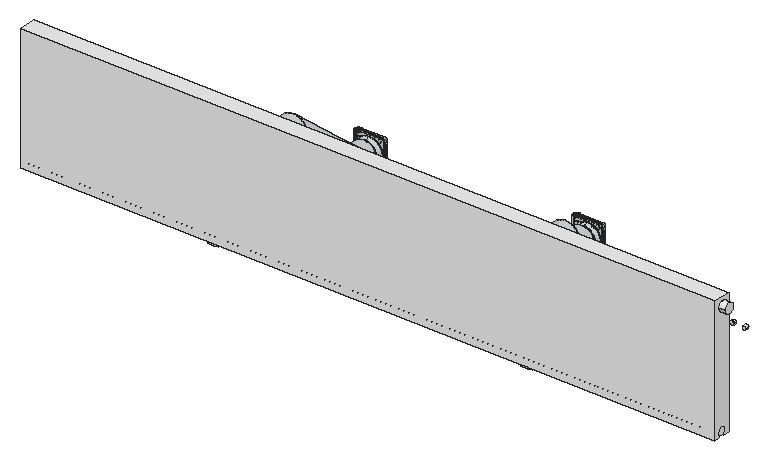
Revit family "57_CRD_ME_Climarad_2-0", category Mechanical Equipment, Revit 2020
Family settings
  Round Connector Dimension = Use Diameter
  Classification = None
  Part Type = Normal
  Work Plane-Based = Yes
  Always vertical = Yes
  Cut with Voids When Loaded = Yes
  Shared = No
  Room Calculation Point = Yes
Parameters (values of type "21s-500 - lengte 2800mm")
  voltage = 230 V  # constant formula
  type_kap = 57_CRD_ME_kap_climarad_2-0 : diepte 70 mm
  schacht = yes
  roosters_hoh_maat [instance] = 880 mm
  rooster_offset_X_rechts [instance] = roosters_hoh_maat - hoh_ventilatie_doorvoeren + rooster_offset_X_links  # -109 mm
  rooster_offset_X_links_vrij_invullen [instance] = 0 mm
  positie_wcd_uit_hart_unit = 750 mm  # constant formula
  rooster_offset_Y [instance] = -150 mm
  rooster_offset_X_links [instance] = if(hart_roosters_gelijk_aan_hart_unit, (hoh_ventilatie_doorvoeren - roosters_hoh_maat) / 2, rooster_offset_X_links_vrij_invullen)  # 109 mm
  onderkant_unit [instance] = onderkant_kast - 80 mm  # 40 mm
  onderkant_kast [instance] = 120 mm
  muurrooster_waalformaat [instance] = not(muurrooster_vierkant)  # no
  muurrooster_vierkant [instance] = yes
  materiaal_rooster [instance] = none
  materiaal_unit [instance] = aluminium_RAL_9016
  materiaal_kanaal [instance] = none
  lengte_unit = 1240 mm  # constant formula
  aansluiting_rechts [instance] = yes
  aansluiting_links [instance] = not(aansluiting_rechts)  # no
  invoer_cv = 0.0 L/s
  hoogte_unit = 466 mm  # constant formula
  hoogte_kast = 504 mm
  hart_ventilatie_doorvoer_tov_onderkant_unit = 385 mm  # constant formula
  hart_roosters_gelijk_aan_hart_unit [instance] = yes
  dikte_binnenspouwblad [instance] = 100 mm
  lengte_kast = 2800 mm
  hoh_ventilatie_doorvoeren = 549 mm * 2  # 1098 mm
  hart_doorvoer_tov_ok_kast = 367 mm  # constant formula
  eis_offset_Y [instance] = "negatief getal ivm ontwatering"  # constant formula
  dikte_spouwconstructie [instance] = 350 mm
  diepte_achterunit = 135 mm  # constant formula
  diepte_kast = if(diepte = 205 mm, 157 mm, 197 mm)  # 197 mm
  diepte = 211 mm
  diameter_cv = 15 mm  # constant formula
  diameter_aansluiting [instance] = if(connection_diameter_110, 110 mm, 150 mm)  # 110 mm
  debiet_m3h_maximaal [instance] = 125.00 m³  # constant formula
  debiet_m3h [instance] = 100.00 m³
  debiet_Ls [instance] = debiet_m3h / 3600.0 s  # 27.7778 L/s
  cv_aanvoer = 1310 mm
  connection_diameter_150 [instance] = not(connection_diameter_110)  # no
  connection_diameter_110 [instance] = 2 > 1  # yes
  lengte_onderstel = 700 mm  # constant formula
  Model = "Sensa H2X"  # constant formula
  Manufacturer = "ClimaRad"  # constant formula
  Description = "ClimaRad Sensa H2X ventilatie-unit"  # constant formula
  Default Elevation = 1219.2 mm
Reference planes
  plane 1 "Center (Front/Back)": y = 0
  plane 2: z = 0
  plane 3 "Center (Left/Right)": x = 0
  plane 4: x = -1400
  plane 5: x = 1400
  plane 6: y = -211
  plane 7 "bovenkant": z = 624
  plane 8: y = 350
  plane 9: y = -135
  plane 10 "unit_L": x = -620
  plane 11 "unit_R": x = 620
  plane 12 "hart_doorvoer": z = 425
  plane 13: x = -549
  plane 14: x = 549
  plane 15: x = -350
  plane 16: x = 350
  plane 17 "onderkant_kast": z = 120
  plane 18: z = 65
  plane 19: z = 506
  plane 20: z = 40
  plane 21: x = 1360
  plane 22: x = 1310
  plane 23: x = -1360
  plane 24: x = -1310
Forms (mm)
  Sweep 1, solid
    path origin (0, 0, 0) x (1, 0, 0) y (0, 0, 1)
      loop
        line (-620, 65) -> (620, 65)
    profile origin (0, 0, 65) x (0, 0, 1) y (0, -1, 0)
      loop
        line (14.75, 135) -> (13.172, 104.889) -> (0, 104.889) -> (0, 15.978) -> (14.834, 15.978) -> (14.834, 0) -> (428.139, 0) -> (428.75, 35) -> (440.991, 35)
        arc (440.991, 35) -> (440.99, 41.25) -> (440.91, 47.5) r 500
        line (440.91, 47.5) -> (431.932, 135) -> (14.75, 135)
  Sweep 2, solid
    path origin (0, 0, 0) x (1, 0, 0) y (0, 0, 1)
      loop
        line (-350, 40) -> (350, 40)
    profile origin (0, 0, 40) x (0, 0, 1) y (0, -1, 0)
      loop
        line (25, 94.307) -> (0, 76.994) -> (0, 15.978) -> (25, 15.978) -> (25, 94.307)
  Extrusion 3, solid, material "aluminium_RAL_9016" <- "materiaal_unit"
    sketch origin (-620, 0, 0) x (0, 1, 0) y (0, 0, 1)
      loop
        line (0, 254.595) -> (-5, 254.595) -> (-5, 234.595) -> (-104.889, 234.595) -> (-104.889, 120) -> (-211, 120) -> (-211, 114.787) -> (-184.532, 96.595) -> (-104.889, 96.595) -> (-104.889, 94.595) -> (-5, 94.595) -> (-5, 78.595) -> (0, 78.595) -> (0, 254.595)
    from 0 to -25
  Extrusion 4, solid, material "aluminium_RAL_9016" <- "materiaal_unit"
    sketch origin (620, 0, 0) x (0, 1, 0) y (0, 0, 1)
      loop
        line (0, 254.595) -> (-5, 254.595) -> (-5, 234.595) -> (-104.889, 234.595) -> (-104.889, 120) -> (-211, 120) -> (-211, 114.787) -> (-184.532, 96.595) -> (-104.889, 96.595) -> (-104.889, 94.595) -> (-5, 94.595) -> (-5, 78.595) -> (0, 78.595) -> (0, 254.595)
    from 0 to 25
  Extrusion 5, solid, material "aluminium_RAL_9016" <- "materiaal_unit", visible <- "aansluiting_rechts"
    sketch origin (0, 0, 0) x (1, 0, 0) y (0, 0, 1)
      loop
        circle (1310, 425) r 7.5
    from 0 to 10
  Extrusion 6, solid, material "aluminium_RAL_9016" <- "materiaal_unit", visible <- "aansluiting_rechts"
    sketch origin (0, 0, 0) x (1, 0, 0) y (0, 0, 1)
      loop
        circle (1360, 425) r 7.5
    from 0 to 10
  Extrusion 7, solid, material "aluminium_RAL_9016" <- "materiaal_unit", visible <- "aansluiting_links"
    sketch origin (0, 0, 0) x (-1, 0, 0) y (0, 0, -1)
      loop
        circle (1310, -425) r 7.5
    from 0 to 10
  Extrusion 8, solid, material "aluminium_RAL_9016" <- "materiaal_unit", visible <- "aansluiting_links"
    sketch origin (0, 0, 0) x (-1, 0, 0) y (0, 0, -1)
      loop
        circle (1360, -425) r 7.5
    from 0 to 10
Cuts and joins
  joined: Sweep 1, Sweep 2
Dimensions and locks
  equal spacing: plane 4, plane 3 "Center (Left/Right)", plane 5
  "lengte_kast": plane 4 to plane 5
  "dikte_spouwconstructie": plane 8 to plane 1 "Center (Front/Back)"
  "diepte_achterunit": plane 9 to plane 1 "Center (Front/Back)"
  equal spacing: plane 10 "unit_L", plane 3 "Center (Left/Right)", plane 11 "unit_R"
  "lengte_unit": plane 10 "unit_L" to plane 11 "unit_R"
  equal spacing: plane 14, plane 3 "Center (Left/Right)", plane 13
  "hoh_ventilatie_doorvoeren": plane 14 to plane 13
  equal spacing: plane 16, plane 3 "Center (Left/Right)", plane 15
  "lengte_onderstel": plane 16 to plane 15
  "onderkant_kast": plane 17 "onderkant_kast" to plane 2
  "hoogte_kast": plane 7 "bovenkant" to plane 17 "onderkant_kast"
  locked: plane 18 to plane 20 at 25
  "onderkant_unit": plane 20 to plane 2
  "hoogte_unit": plane 19 to plane 20
  "hart_ventilatie_doorvoer_tov_onderkant_unit": plane 12 "hart_doorvoer" to plane 20
  "diepte": plane 1 "Center (Front/Back)" to plane 6
  locked: plane 22 to plane 21 at 50
  "cv_aanvoer": plane 3 "Center (Left/Right)" to plane 22
  locked: plane 24 to plane 23 at 50
  "cv_aanvoer": plane 24 to plane 3 "Center (Left/Right)"
  "diameter_cv": diameter of Extrusion 5 sketch curve
  "diameter_cv": diameter of Extrusion 6 sketch curve
  "diameter_cv": diameter of Extrusion 7 sketch curve
  "diameter_cv": diameter of Extrusion 8 sketch curve
  aligned and locked: level to plane 2
  aligned and locked: nested 1 to plane 1 "Center (Front/Back)"
  aligned and locked: nested 1 to plane 13
  aligned and locked: nested 3 to plane 1 "Center (Front/Back)"
  aligned and locked: nested 3 to plane 14
  aligned and locked: plane 11 "unit_R" to Sweep 1 sketch curve
  aligned and locked: plane 10 "unit_L" to Sweep 1 sketch curve
  aligned and locked: Sweep 1 sketch curve to profile plane
  aligned and locked: plane 9 to Sweep 1 sketch curve
  aligned and locked: Sweep 1 sketch curve to plane 18  (x2)
  aligned and locked: Sweep 2 sketch curve to plane 20  (x2)
  aligned and locked: plane 16 to Sweep 2 sketch curve
  aligned and locked: plane 15 to Sweep 2 sketch curve
  aligned and locked: plane 18 to Sweep 2 sketch curve
  aligned and locked: plane 3 "Center (Left/Right)" to nested 5
  aligned and locked: nested 5 to plane 6
  aligned and locked: plane 6 to Extrusion 3 sketch curve
  aligned and locked: plane 6 to Extrusion 4 sketch curve
Automatic sketch dimensions
  profile plane to Sweep 1 sketch curve = 59 mm
  Sweep 1 sketch curve to profile plane = 13.172 mm
  Sweep 1 sketch curve to profile plane = 14.75 mm
  Sweep 1 sketch curve to profile plane = 14.834 mm
  Sweep 1 sketch curve to Sweep 1 sketch curve = 413.306 mm
  Sweep 1 sketch curve to Sweep 1 sketch curve = 0.611 mm
  Sweep 1 sketch curve to Sweep 1 sketch curve = 3.182 mm
  plane 1 "Center (Front/Back)" to Sweep 1 sketch curve = 47.5 mm
  Sweep 1 sketch curve to Sweep 1 sketch curve = 12.16 mm
  Sweep 1 sketch curve to Sweep 1 sketch curve = 12.241 mm
  plane 1 "Center (Front/Back)" to Sweep 1 sketch curve = 15.978 mm
  Sweep 1 sketch curve to Sweep 1 sketch curve = 12.5 mm
  Sweep 1 sketch curve to Sweep 1 sketch curve = 30.111 mm
  plane 1 "Center (Front/Back)" to Sweep 2 sketch curve = 15.978 mm
  Sweep 2 sketch curve to Sweep 2 sketch curve = 61.016 mm
  Sweep 2 sketch curve to Sweep 2 sketch curve = 17.313 mm
  Extrusion 3 sketch curve to plane 17 "onderkant_kast" = 0 mm
  Extrusion 3 sketch curve to plane 1 "Center (Front/Back)" = 0 mm
  plane 6 to Extrusion 3 sketch curve = 26.468 mm
  plane 9 to Extrusion 3 sketch curve = 30.111 mm
  Extrusion 3 sketch curve to Extrusion 3 sketch curve = 0 mm
  plane 1 "Center (Front/Back)" to Extrusion 3 sketch curve = 5 mm  (x2)
  Extrusion 3 sketch curve to Extrusion 3 sketch curve = 5.213 mm
  Extrusion 3 sketch curve to plane 17 "onderkant_kast" = 23.405 mm
  Extrusion 3 sketch curve to Extrusion 3 sketch curve = 2 mm
  plane 18 to Extrusion 3 sketch curve = 13.595 mm
  plane 17 "onderkant_kast" to Extrusion 3 sketch curve = 114.595 mm
  Extrusion 3 sketch curve to Extrusion 3 sketch curve = 20 mm
  Extrusion 4 sketch curve to plane 17 "onderkant_kast" = 0 mm
  Extrusion 4 sketch curve to plane 1 "Center (Front/Back)" = 0 mm
  plane 6 to Extrusion 4 sketch curve = 26.468 mm
  plane 9 to Extrusion 4 sketch curve = 30.111 mm
  Extrusion 4 sketch curve to Extrusion 4 sketch curve = 0 mm
  plane 1 "Center (Front/Back)" to Extrusion 4 sketch curve = 5 mm  (x2)
  Extrusion 4 sketch curve to plane 17 "onderkant_kast" = 5.213 mm
  Extrusion 4 sketch curve to plane 17 "onderkant_kast" = 23.405 mm
  Extrusion 4 sketch curve to Extrusion 4 sketch curve = 2 mm
  plane 18 to Extrusion 4 sketch curve = 13.595 mm
  Extrusion 4 sketch curve to Extrusion 4 sketch curve = 114.595 mm
  Extrusion 4 sketch curve to Extrusion 4 sketch curve = 20 mm
  Extrusion 5 sketch curve to plane 12 "hart_doorvoer" = 0 mm
  Extrusion 5 sketch curve to plane 22 = 0 mm
  Extrusion 6 sketch curve to plane 12 "hart_doorvoer" = 0 mm
  Extrusion 6 sketch curve to plane 21 = 0 mm
  Extrusion 7 sketch curve to plane 12 "hart_doorvoer" = 0 mm
  plane 24 to Extrusion 7 sketch curve = 0 mm
  Extrusion 8 sketch curve to plane 12 "hart_doorvoer" = 0 mm
  plane 23 to Extrusion 8 sketch curve = 0 mm
Nested families
  nested 1: "57_CRD_AT_aansluiting_muurrooster_flex" at (-549, 0, 425) x (-1, 0, 0) z (0, 0, 1), materiaal_rooster <- "materiaal_rooster", diepte <- "dikte_spouwconstructie", lengte_recht_deel_aansluiting <- "dikte_binnenspouwblad", offset_X <- "rooster_offset_X_rechts", offset_Y <- "rooster_offset_Y", Connection Diameter 150 <- "connection_diameter_150", muurrooster_waalformaat <- "muurrooster_waalformaat", materiaal_kanaal <- "materiaal_kanaal", type "Grille"
    with rekenwaarde_offset_Y 850 mm, rekenwaarde_offset_X 891 mm, offset_Y -150 mm, offset_X -109 mm, muurrooster_waalformaat no, muurrooster_vierkant yes, materiaal_rooster none, materiaal_kanaal none, lengte_recht_deel_aansluiting 100 mm, diepte 350 mm, Tube Length 320 mm, R 55 mm, Diameter 110 mm, Connection Diameter 150 no, Connection Diameter 110 yes, Connection Diameter 110 mm
  nested 2: "Square Grille" at (-440, 350.025, 275) x (-1, 0, 0) z (0, 0, 1), type "Square Grille"
    with materiaal none, Function Code ""
  nested 3: "57_CRD_AT_aansluiting_muurrooster_flex" at (549, 0, 425) x (-1, 0, 0) z (0, 0, 1), materiaal_rooster <- "materiaal_rooster", diepte <- "dikte_spouwconstructie", lengte_recht_deel_aansluiting <- "dikte_binnenspouwblad", offset_X <- "rooster_offset_X_links", offset_Y <- "rooster_offset_Y", Connection Diameter 150 <- "connection_diameter_150", muurrooster_waalformaat <- "muurrooster_waalformaat", materiaal_kanaal <- "materiaal_kanaal", type "Grille"
    with rekenwaarde_offset_Y 850 mm, rekenwaarde_offset_X 1109 mm, offset_Y -150 mm, offset_X 109 mm, muurrooster_waalformaat no, muurrooster_vierkant yes, materiaal_rooster none, materiaal_kanaal none, lengte_recht_deel_aansluiting 100 mm, diepte 350 mm, Tube Length 320 mm, R 55 mm, Diameter 110 mm, Connection Diameter 150 no, Connection Diameter 110 yes, Connection Diameter 110 mm
  nested 4: "Square Grille" at (440, 350.025, 275) x (-1, 0, 0) z (0, 0, 1), type "Square Grille"
    with materiaal none, Function Code ""
  nested 5: "57_CRD_ME_kap_climarad_2-0" at (0, -211, 120), materiaal <- "materiaal_unit", lengte <- "lengte_kast", hoogte <- "hoogte_kast", type <- "type_kap", knop_links <- "aansluiting_links", knop_rechts <- "aansluiting_rechts", type "diepte 70 mm"
    with materiaal aluminium_RAL_9016, lengte 2800 mm, knop_rechts yes, knop_links no, hoogte 504 mm
Connectors
  hvac at (-549, 0, 425), driven by "diameter_aansluiting", driven by "debiet_Ls"
    settings: on nested 1, index 3, duct flow 27.7778 L/s, flow factor 0, pres drop 0.0 Pa, loss coef 0, conn angle 0.00°, conn width 304.8 mm, conn height 304.8 mm, conn diameter 110 mm, duct sys type 2, conn prof type 0, flow config 1, flow direction 2, loss method 0, conn ref index -1, conn util no, is conn primary yes, conn desc ""
  hvac at (549, 0, 425), driven by "diameter_aansluiting", driven by "debiet_Ls"
    settings: on nested 3, index 4, duct flow 27.7778 L/s, flow factor 0, pres drop 0.0 Pa, loss coef 0, conn angle 0.00°, conn width 304.8 mm, conn height 304.8 mm, conn diameter 110 mm, duct sys type 1, conn prof type 0, flow config 1, flow direction 1, loss method 0, conn ref index -1, conn util no, is conn primary no, conn desc ""
  electrical at (0, 0, 286.487), driven by "voltage"
    settings: on Sweep 1, index 5, voltage 230 V, apparent load 0 VA, apparent load phase1 0 VA, apparent load phase2 0 VA, apparent load phase3 0 VA, power factor 1, load classification "Other", number of poles 1, system type 31, power factor state 1, is connector primary yes, connector utility no, sub classification motor no, connector description ""
  piping at (1360, 0, 425), diameter 15, driven by "invoer_cv", driven by "diameter_cv"
    settings: on Extrusion 6, index 6, connector inside diameter 609.6 mm, connector length 0 mm, flow factor 0, pipe flow 0.0 L/s, pressure drop 0.0 Pa, fitting loss kfactor 0, connector angle 0.00°, fixture units 0, engagement length 0 mm, angle of deflection 0.00°, flow configuration 0, flow direction 2, fitting loss method 0, system type 8, joint type 0, gender type 0, connector reference index -1, connector utility 0, adjustable connector no, is connector primary yes, connector description ""
  piping at (1310, 0, 425), diameter 15, driven by "invoer_cv", driven by "diameter_cv"
    settings: on Extrusion 5, index 7, connector inside diameter 609.6 mm, connector length 0 mm, flow factor 0, pipe flow 0.0 L/s, pressure drop 0.0 Pa, fitting loss kfactor 0, connector angle 0.00°, fixture units 0, engagement length 0 mm, angle of deflection 0.00°, flow configuration 0, flow direction 1, fitting loss method 0, system type 7, joint type 0, gender type 0, connector reference index -1, connector utility 0, adjustable connector no, is connector primary no, connector description ""
  piping at (1360, 0, 425), diameter 15, driven by "invoer_cv", driven by "diameter_cv"
    settings: on Extrusion 6, index 8, connector inside diameter 609.6 mm, connector length 0 mm, flow factor 0, pipe flow 0.0 L/s, pressure drop 0.0 Pa, fitting loss kfactor 0, connector angle 0.00°, fixture units 0, engagement length 0 mm, angle of deflection 0.00°, flow configuration 0, flow direction 2, fitting loss method 0, system type 8, joint type 0, gender type 0, connector reference index -1, connector utility 0, adjustable connector no, is connector primary no, connector description ""
  piping at (1310, 0, 425), diameter 15, driven by "invoer_cv", driven by "diameter_cv"
    settings: on Extrusion 5, index 9, connector inside diameter 609.6 mm, connector length 0 mm, flow factor 0, pipe flow 0.0 L/s, pressure drop 0.0 Pa, fitting loss kfactor 0, connector angle 0.00°, fixture units 0, engagement length 0 mm, angle of deflection 0.00°, flow configuration 0, flow direction 1, fitting loss method 0, system type 7, joint type 0, gender type 0, connector reference index -1, connector utility 0, adjustable connector no, is connector primary no, connector description ""
  piping at (-1310, 0, 425), diameter 15, driven by "diameter_cv", driven by "invoer_cv"
    settings: on Extrusion 7, index 10, connector inside diameter 609.6 mm, connector length 0 mm, flow factor 0, pipe flow 0.0 L/s, pressure drop 0.0 Pa, fitting loss kfactor 0, connector angle 0.00°, fixture units 0, engagement length 0 mm, angle of deflection 0.00°, flow configuration 0, flow direction 2, fitting loss method 0, system type 8, joint type 0, gender type 0, connector reference index -1, connector utility 0, adjustable connector no, is connector primary no, connector description ""
  piping at (-1360, 0, 425), diameter 15, driven by "diameter_cv", driven by "invoer_cv"
    settings: on Extrusion 8, index 11, connector inside diameter 609.6 mm, connector length 0 mm, flow factor 0, pipe flow 0.0 L/s, pressure drop 0.0 Pa, fitting loss kfactor 0, connector angle 0.00°, fixture units 0, engagement length 0 mm, angle of deflection 0.00°, flow configuration 0, flow direction 1, fitting loss method 0, system type 7, joint type 0, gender type 0, connector reference index -1, connector utility 0, adjustable connector no, is connector primary no, connector description ""
Definition of nested family "57_CRD_AT_aansluiting_muurrooster_flex"
  Parameters (values of type "Grille")
    rekenwaarde_offset_Y [instance] = offset_Y + 1000 mm  # 1850 mm
    rekenwaarde_offset_X [instance] = offset_X + 1000 mm  # 1850 mm
    offset_Y [instance] = 850 mm
    offset_X [instance] = 850 mm
    muurrooster_waalformaat [instance] = yes
    muurrooster_vierkant [instance] = not(muurrooster_waalformaat)  # no
    materiaal_rooster [instance] = none
    materiaal_kanaal [instance] = none
    lengte_recht_deel_aansluiting [instance] = 100 mm
    diepte [instance] = 600 mm
    Width = 210 mm
    Watermarked By = ""
    URL = "www.stabiplan.com"
    Tube Length [instance] = if(muurrooster_waalformaat, diepte - 80 mm, diepte - 30 mm)  # 520 mm
    R [instance] = Connection Diameter / 2  # 75 mm
    Model = ""
    Manufacturer = "ClimaRad"  # constant formula
    IFCExportType = "GRILLE"  # constant formula
    IFCExportAs = "IfcAirTerminal"  # constant formula
    Height = 53 mm
    Diameter [instance] = Connection Diameter  # 150 mm
    Description = ""
    Depth = 7.5 mm
    Default Elevation = 1219.2 mm
    Connection Diameter 150 [instance] = yes
    Connection Diameter 110 [instance] = not(Connection Diameter 150)  # no
    Connection Diameter [instance] = if(Connection Diameter 110, 110 mm, 150 mm)  # 150 mm
    Keynote = "﻿﻿​        ﻿﻿  ﻿ ﻿   ﻿ ﻿ ﻿     ﻿   ﻿ ﻿  ﻿﻿ ﻿     ​                      ﻿     ﻿     ​         ​              ﻿                           ​﻿﻿"
    Type Comments = "﻿﻿​        ﻿﻿  ﻿ ﻿   ﻿ ﻿ ﻿     ﻿   ﻿ ﻿  ﻿﻿ ﻿     ​                      ﻿     ﻿     ​         ​              ﻿                           ​﻿﻿"
    Assembly Code = "﻿﻿​        ﻿﻿  ﻿ ﻿   ﻿ ﻿ ﻿     ﻿   ﻿ ﻿  ﻿﻿ ﻿     ​                      ﻿     ﻿     ​         ​              ﻿                           ​﻿﻿"
  Reference planes
    plane 1 "Center (Front/Back)": y = 0
    plane 2: z = 0
    plane 3 "Center (Left/Right)": x = 0
    plane 4: y = -340.025
    plane 5: x = 43
    plane 6: x = -43
    plane 7 "achterkant_rooster": y = -520
    plane 8: x = -1000
    plane 9: z = -1000
    plane 10: x = 850
    plane 11 "level_muurrooster": z = 850
    plane 12 "asp_rooster": y = -470.025
    plane 13 "ventura_ASP": y = -100
    plane 14: y = -550.025
    plane 15: y = -600.025
  Forms (mm)
    Extrusion 1, solid, material <- "materiaal_kanaal"
      sketch origin (0, -100, 0) x (-1, 0, 0) y (0, 0, 1)
        loop
          circle (0, 0) r 75
      from 0 to 100
    Blend 2, solid, material <- "materiaal_kanaal"
      base sketch origin (0, -100, 0) x (-1, 0, 0) y (0, 0, 1)
        loop
          circle (0, 0) r 75
      top sketch origin (0, -470.025, 0) x (-1, 0, 0) y (0, 0, 1)
        loop
          circle (-850, 850.501) r 75
      from 0 to 0
    SweptBlend 3, solid, material <- "materiaal_kanaal"
      path origin (0, -430.025, 850) x (-1, 0, 0) y (0, -1, 0)
        loop
          line (-850, 40) -> (-850, 89.975)
      profile origin (850, -470.025, 850) x (1, 0, 0) y (0, 0, 1)
        loop
          circle (0, 0.501) r 75
      end profile origin (850, -520, 850) x (1, 0, 0) y (0, 0, 1)
        loop
          circle (0, 0.501) r 50
  Lines and regions (mm)
    model lines
      curve 1: line (850, -470.025, 850) -> (850, -520, 850)
  Dimensions and locks
    equal spacing: plane 6, plane 3 "Center (Left/Right)", plane 5
    locked: plane 6 to plane 5 at 86
    plane 1 "Center (Front/Back)" to plane 4 = 340.025 mm
    plane 7 "achterkant_rooster" to plane 1 "Center (Front/Back)" = 520 mm
    locked: plane 3 "Center (Left/Right)" to plane 8 at 1000
    locked: plane 2 to plane 9 at 1000
    "rekenwaarde_offset_Y": plane 11 "level_muurrooster" to plane 9
    "rekenwaarde_offset_X": plane 10 to plane 8
    locked: plane 14 to plane 15 at 50
    "Tube Length": plane 7 "achterkant_rooster" to plane 1 "Center (Front/Back)"
    locked: plane 7 "achterkant_rooster" to plane 12 "asp_rooster" at 49.975
    locked: plane 15 to plane 7 "achterkant_rooster" at 80.025
    "lengte_recht_deel_aansluiting": plane 1 "Center (Front/Back)" to plane 13 "ventura_ASP"
    "Diameter": diameter of Extrusion 1 sketch curve
    "Diameter": diameter of Blend 2 sketch curve  (x2)
    "Diameter": diameter of SweptBlend 3 sketch curve
    aligned and locked: level to plane 2
    aligned and locked: plane 7 "achterkant_rooster" to SweptBlend 3 sketch curve
    aligned and locked: SweptBlend 3 sketch curve to plane 12 "asp_rooster"
    aligned and locked: plane 10 to nested 1
    aligned and locked: plane 14 to nested 2
    aligned and locked: plane 10 to nested 2
    aligned and locked: plane 15 to nested 1
    aligned and locked: Extrusion 1 to plane 1 "Center (Front/Back)"
  Automatic sketch dimensions
    plane 7 "achterkant_rooster" to curve 1 = 0 mm
    curve 1 to plane 10 = 0 mm
    curve 1 to plane 12 "asp_rooster" = 0 mm
    SweptBlend 3 sketch curve to plane 10 = 0 mm
    profile plane to SweptBlend 3 sketch curve = 0 mm  (x2)
    plane 11 "level_muurrooster" to SweptBlend 3 sketch curve = 0.501 mm  (x2)
    Extrusion 1 sketch curve to level = 0 mm
    Extrusion 1 sketch curve to plane 3 "Center (Left/Right)" = 0 mm
    Blend 2 sketch curve to level = 0 mm
    Blend 2 sketch curve to plane 3 "Center (Left/Right)" = 0 mm
    Blend 2 sketch curve to Blend 2 sketch curve = 0 mm  (x2)
    plane 10 to Blend 2 sketch curve = 0 mm
    plane 11 "level_muurrooster" to Blend 2 sketch curve = 0.501 mm
    radius of SweptBlend 3 sketch curve = 50 mm
  Nested families
    nested 1: "Rectangular Grille" at (850, -600.025, 850), materiaal <- "materiaal_rooster", visible <- "muurrooster_waalformaat", type "Rectangular Grille"
      with materiaal none, Function Code "", Default Elevation 0 mm
    nested 2: "Square Grille" at (850, -550.025, 850), materiaal <- "materiaal_rooster", visible <- "muurrooster_vierkant", type "Square Grille"
      with materiaal none, Function Code ""
  Definition of nested family "Rectangular Grille"
    Parameters (values of type "Rectangular Grille")
      Width = 210 mm
      Wholesaler Art. No. = ""
      Wholesaler = ""
      materiaal [instance] = none
      Watermarked By = "www.stabiplan.com"
      URL = "www.stabiplan.com"
      Type Comments = "﻿﻿ ﻿ ﻿﻿﻿﻿﻿﻿          ​          ﻿       ﻿   ﻿  ﻿  ﻿  ﻿​     ​​  ​​   ​​   ﻿﻿     ​      ​​  ​​      ﻿     ﻿   ﻿      ﻿  ﻿﻿"
      Stabu Code = ""
      Revit Version = "2014"  # constant formula
      Product Line = "ClimaRad"
      Model = "53x210"
      Manufacturer URL = "www.climarad.com"
      Manufacturer Art. No. = "3511103"
      Manufacturer = "ClimaRad"
      MEPcontent Class = "GRILLE"  # constant formula
      Keynote = "﻿﻿ ﻿ ﻿﻿﻿﻿﻿﻿          ​          ﻿       ﻿   ﻿  ﻿  ﻿  ﻿​     ​​  ​​   ​​   ﻿﻿     ​      ​​  ​​      ﻿     ﻿   ﻿      ﻿  ﻿﻿"
      Internal Art. No. = ""
      IFCExportType = "GRILLE"  # constant formula
      IFCExportAs = "IfcAirTerminalType"  # constant formula
      Height = 53 mm
      GTIN = ""
      Function Code [instance] = ""
      Family Version = "10.04"  # constant formula
      ETIM Article Class = "EC001297"
      EMCS Version = "2.0"  # constant formula
      Description = "Aluminium brick"
      Depth = 7.5 mm
      Default Elevation = 1219.2 mm
      Custom = no
      Copyright = "© Stabiplan International BV"  # constant formula
      Content Supplier URL = "www.mepcontent.eu"
      CB-NL Class = ""
      Assembly Code = "﻿﻿ ﻿ ﻿﻿﻿﻿﻿﻿          ​          ﻿       ﻿   ﻿  ﻿  ﻿  ﻿​     ​​  ​​   ​​   ﻿﻿     ​      ​​  ​​      ﻿     ﻿   ﻿      ﻿  ﻿﻿"
      Article Type = "53x210"
      Article Description = "Aluminium brick"
    Reference planes
      plane 1 "Center (Front/Back)": y = 0
      plane 2: z = 0
      plane 3 "Center (Left/Right)": x = 0
      plane 4: y = 90
    Forms (mm)
      Revolve 1, solid, material <- "materiaal", detail levels fine
        sketch origin (0, 50, 0) x (0, 1, 0) y (0, 0, 1)
          loop
            arc (39.018, 42.11) -> (39.963, 43.055) -> (39.018, 44) r 0.945
            line (39.018, 44) -> (38.22, 44)
            arc (38.22, 44) -> (37.144, 44.34) -> (36.461, 45.238) r 1.868
            line (36.461, 45.238) -> (36.176, 46.035)
            arc (36.176, 46.035) -> (35.58, 46.509) -> (34.985, 46.035) r 0.611
            line (34.985, 46.035) -> (34.985, 44.473)
            arc (34.985, 44.473) -> (34.391, 43.99) -> (33.796, 44.473) r 0.607
            line (33.796, 44.473) -> (33.796, 46.019)
            arc (33.796, 46.019) -> (33.188, 46.501) -> (32.58, 46.019) r 0.625
            line (32.58, 46.019) -> (32.287, 45.206)
            arc (32.287, 45.206) -> (31.587, 44.307) -> (30.491, 43.995) r 1.834
            line (30.491, 43.995) -> (29.298, 43.995)
            arc (29.298, 43.995) -> (28.157, 44.349) -> (27.417, 45.286) r 2.015
            line (27.417, 45.286) -> (27.157, 46.035)
            arc (27.157, 46.035) -> (26.562, 46.509) -> (25.966, 46.035) r 0.611
            line (25.966, 46.035) -> (25.966, 44.473)
            arc (25.966, 44.473) -> (25.372, 43.99) -> (24.777, 44.473) r 0.607
            line (24.777, 44.473) -> (24.777, 46.019)
            arc (24.777, 46.019) -> (24.169, 46.501) -> (23.561, 46.019) r 0.625
            line (23.561, 46.019) -> (23.268, 45.206)
            arc (23.268, 45.206) -> (22.536, 44.329) -> (21.442, 44) r 1.985
            line (21.442, 44) -> (0, 44) -> (0, 42.11) -> (39.018, 42.11)
          axis (39.018, 0) -> (0, 0)
        angle from 0 to 360
      Sweep 2, solid, material <- "materiaal", detail levels fine
        path origin (0, 0, 0) x (1, 0, 0) y (0, 0, 1)
          loop
            line (-104, 25.5) -> (-104, -25.5) -> (104, -25.5) -> (104, 25.5) -> (-104, 25.5)
        profile origin (0, 0, 25.5) x (0, 0, 1) y (0, -1, 0)
          loop
            line (-3.5, 6.5) -> (-0.973, 6.5)
            arc (-0.973, 6.5) -> (-0.285, 6.215) -> (0, 5.527) r 0.973
            line (0, 5.527) -> (0, 0) -> (1, 0) -> (1, 5.549)
            arc (1, 5.549) -> (0.429, 6.929) -> (-0.951, 7.5) r 1.951
            line (-0.951, 7.5) -> (-3.5, 7.5) -> (-3.5, 6.5)
      Extrusion 3, solid, material <- "materiaal", detail levels fine
        sketch origin (0, 0, 0) x (0, 1, 0) y (0, 0, 1)
          loop
            line (13.466, 12.788) -> (0.018, 16.392)
            arc (0.018, 16.392) -> (-0.847, 16.43) -> (-1.647, 16.098) r 2
            line (-1.647, 16.098) -> (-7.5, 12) -> (-6.926, 11.181) -> (-1.074, 15.279)
            arc (-1.074, 15.279) -> (-0.674, 15.445) -> (-0.241, 15.426) r 1
            line (-0.241, 15.426) -> (13.207, 11.822) -> (13.466, 12.788)
          loop
            line (13.466, 0.788) -> (0.018, 4.392)
            arc (0.018, 4.392) -> (-0.847, 4.43) -> (-1.647, 4.098) r 2
            line (-1.647, 4.098) -> (-7.5, 0) -> (-6.926, -0.819) -> (-1.074, 3.279)
            arc (-1.074, 3.279) -> (-0.674, 3.445) -> (-0.241, 3.426) r 1
            line (-0.241, 3.426) -> (13.207, -0.178) -> (13.466, 0.788)
          loop
            line (13.466, -11.212) -> (0.018, -7.608)
            arc (0.018, -7.608) -> (-0.847, -7.57) -> (-1.647, -7.902) r 2
            line (-1.647, -7.902) -> (-7.5, -12) -> (-6.926, -12.819) -> (-1.074, -8.721)
            arc (-1.074, -8.721) -> (-0.674, -8.555) -> (-0.241, -8.574) r 1
            line (-0.241, -8.574) -> (13.207, -12.178) -> (13.466, -11.212)
        from -99.5 to 99.5
      Extrusion 4, solid, material <- "materiaal", detail levels fine
        sketch origin (0, 0, 0) x (1, 0, 0) y (0, 1, 0)
          loop
            line (-104, 0) -> (-104, -4.5)
            arc (-104, -4.5) -> (-103.414, -5.914) -> (-102, -6.5) r 2
            line (-102, -6.5) -> (-100.377, -6.5)
            arc (-100.377, -6.5) -> (-99.058, -6.004) -> (-98.394, -4.761) r 2
            line (-98.394, -4.761) -> (-95.626, 16.266)
            arc (-95.626, 16.266) -> (-95.531, 17.224) -> (-95.5, 18.185) r 14.704
            line (-95.5, 18.185) -> (-95.5, 30.5) -> (-96.5, 30.5) -> (-96.5, 18.368)
            arc (-96.5, 18.368) -> (-96.535, 17.29) -> (-96.641, 16.216) r 16.483
            line (-96.641, 16.216) -> (-99.386, -4.631)
            arc (-99.386, -4.631) -> (-99.718, -5.252) -> (-100.377, -5.5) r 1
            line (-100.377, -5.5) -> (-102, -5.5)
            arc (-102, -5.5) -> (-102.707, -5.207) -> (-103, -4.5) r 1
            line (-103, -4.5) -> (-103, 0) -> (-104, 0)
          loop
            line (104, 0) -> (103, 0) -> (103, -4.5)
            arc (103, -4.5) -> (102.707, -5.207) -> (102, -5.5) r 1
            line (102, -5.5) -> (100.377, -5.5)
            arc (100.377, -5.5) -> (99.718, -5.252) -> (99.386, -4.631) r 1
            line (99.386, -4.631) -> (96.641, 16.216)
            arc (96.641, 16.216) -> (96.535, 17.29) -> (96.5, 18.368) r 16.483
            line (96.5, 18.368) -> (96.5, 30.5) -> (95.5, 30.5) -> (95.5, 18.185)
            arc (95.5, 18.185) -> (95.531, 17.224) -> (95.626, 16.266) r 14.704
            line (95.626, 16.266) -> (98.394, -4.761)
            arc (98.394, -4.761) -> (99.058, -6.004) -> (100.377, -6.5) r 2
            line (100.377, -6.5) -> (102, -6.5)
            arc (102, -6.5) -> (103.414, -5.914) -> (104, -4.5) r 2
            line (104, -4.5) -> (104, 0)
        from -22.5 to 22.483
      Extrusion 5, void
        sketch origin (0, 0, 0) x (0, 1, 0) y (0, 0, 1)
          loop
            line (28.768, 10) -> (30.5, 9) -> (30.5, 22.483) -> (11.436, 22.483) -> (15.5, 20.116) -> (15.5, 10) -> (28.768, 10)
          loop
            line (28.768, -10) -> (15.5, -10) -> (15.5, -20.116) -> (11.436, -22.483) -> (30.5, -22.483) -> (30.5, -9) -> (28.768, -10)
        from -105 to 105
      Extrusion 6, solid, material <- "materiaal", detail levels fine
        sketch origin (0, 120.385, -0.738) x (0, 1, 0) y (0, 0, 1)
          loop
            line (-119.375, 17.238) -> (-106.375, 13.755) -> (-106.375, 11.722) -> (-119.375, 8.238) -> (-119.375, 5.238) -> (-106.375, 1.755) -> (-106.375, -0.278) -> (-119.375, -3.762) -> (-119.375, -6.762) -> (-106.375, -10.245) -> (-106.375, -12.278) -> (-119.375, -15.762) -> (-119.375, -21.951) -> (-88.885, -21.684) -> (-88.885, 23.161) -> (-119.375, 23.427) -> (-119.375, 17.238)
        from -30.489 to -29.481
      Extrusion 7, solid, material <- "materiaal", detail levels fine
        sketch origin (0, 120.385, -0.738) x (0, 1, 0) y (0, 0, -1)
          loop
            line (-119.375, -17.238) -> (-119.375, -23.427) -> (-88.885, -23.161) -> (-88.885, 21.684) -> (-119.375, 21.951) -> (-119.375, 15.762) -> (-106.375, 12.278) -> (-106.375, 10.245) -> (-119.375, 6.762) -> (-119.375, 3.762) -> (-106.375, 0.278) -> (-106.375, -1.755) -> (-119.375, -5.238) -> (-119.375, -8.238) -> (-106.375, -11.722) -> (-106.375, -13.755) -> (-119.375, -17.238)
        from -30.489 to -29.481
      Extrusion 8, solid, material <- "materiaal", detail levels fine
        sketch origin (0, 0, 0) x (1, 0, 0) y (0, 0, 1)
          loop
            line (-104, 25.5) -> (-104, -25.5) -> (104, -25.5) -> (104, 25.5) -> (-104, 25.5)
          loop
            line (-103, 24.5) -> (-103, -24.5) -> (103, -24.5) -> (103, 24.5) -> (-103, 24.5)
        from 0 to -30.5
      SweptBlend 9, solid, material <- "materiaal", detail levels fine
        path in 3D
          loop
            line (0, 50, 0) -> (0, 30.5, 0)
        profile origin (0, 50, 0) x (1, 0, 0) y (0, 0, 1)
          loop
            arc (-32.665, 29.479) -> (-43.863, -3.472) -> (-27.619, -34.252) r 44
            arc (-27.619, -34.252) -> (-3.022, -43.896) -> (22.666, -37.713) r 44
            arc (22.666, -37.713) -> (43.292, -7.859) -> (34.475, 27.34) r 44
            arc (34.475, 27.34) -> (1.401, 43.978) -> (-32.665, 29.479) r 44
        end profile origin (0, 30.5, 0) x (1, 0, 0) y (0, 0, 1)
          loop
            line (-104, 25.5) -> (-104, -25.5) -> (104, -25.5) -> (104, 25.5) -> (-104, 25.5)
      Extrusion 10, solid, detail levels coarse+medium
        sketch origin (0, 0, 0) x (1, 0, 0) y (0, 0, 1)
          loop
            circle (0, 0) r 46.019
        from -90 to -50
      Extrusion 11, solid, detail levels coarse+medium
        sketch origin (0, 0, 0) x (1, 0, 0) y (0, 1, 0)
          loop
            line (-105, -7.5) -> (105, -7.5) -> (105, 30.18) -> (44, 50) -> (-44, 50) -> (-105, 30.18) -> (-105, -7.5)
        from -26.5 to 26.5
    Cuts and joins
      Extrusion 5 cuts Revolve 1
      Extrusion 5 cuts Extrusion 4
    Lines and regions (mm)
      sketch lines
        curve 1: line (0, 50, 0) -> (0, 30.5, 0)
    Dimensions and locks
      plane 1 "Center (Front/Back)" to plane 4 = 90 mm
      Extrusion 11 sketch curve to plane 1 "Center (Front/Back)" = 7.5 mm
      Extrusion 11 sketch curve to plane 3 "Center (Left/Right)" to Extrusion 11 sketch curve = 105 mm, 105 mm
      diameter of Extrusion 10 sketch curve = 92.038 mm
      aligned and locked: level to plane 2
      aligned and locked: Sweep 2 to Extrusion 5  (x2)
      aligned and locked: plane 4 to Extrusion 10
      aligned and locked: Extrusion 11 to Sweep 2  (x2)
  Definition of nested family "Square Grille"
    Parameters (values of type "Square Grille")
      Width = 127 mm
      Wholesaler Art. No. = ""
      Wholesaler = ""
      materiaal [instance] = none
      Watermarked By = "www.stabiplan.com"
      URL = "www.stabiplan.com"
      Type Comments = "﻿﻿  ​                        ﻿﻿       ​      ﻿      ﻿                  ﻿                         ﻿​  ​ ﻿      ​   ﻿﻿"
      Stabu Code = ""
      Revit Version = "2014"  # constant formula
      Product Line = "ClimaRad"
      Model = "127x127"
      Manufacturer URL = "www.climarad.com"
      Manufacturer Art. No. = "3511203"
      Manufacturer = "ClimaRad"
      MEPcontent Class = "GRILLE"  # constant formula
      Keynote = "﻿﻿  ​                        ﻿﻿       ​      ﻿      ﻿                  ﻿                         ﻿​  ​ ﻿      ​   ﻿﻿"
      Internal Art. No. = ""
      IFCExportType = "GRILLE"  # constant formula
      IFCExportAs = "IfcAirTerminalType"  # constant formula
      Height = 127 mm
      GTIN = ""
      Function Code [instance] = ""
      Family Version = "10.04"  # constant formula
      ETIM Article Class = "EC001297"
      EMCS Version = "2.0"  # constant formula
      Description = "Aluminium set up grid"
      Depth = 14 mm
      Default Elevation = 1219.2 mm
      Custom = no
      Copyright = "© Stabiplan International BV"  # constant formula
      Content Supplier URL = "www.mepcontent.eu"
      CB-NL Class = ""
      Assembly Code = ""
      Article Type = "127x127"
      Article Description = "Aluminium set up grid"
    Reference planes
      plane 1 "Center (Front/Back)": y = 0
      plane 2: z = 0
      plane 3 "Center (Left/Right)": x = 0
    Forms (mm)
      Revolve 1, solid, material <- "materiaal", detail levels fine
        sketch origin (0, 0, 0) x (0, 1, 0) y (0, 0, 1)
          loop
            arc (39.018, 42.11) -> (39.963, 43.055) -> (39.018, 44) r 0.945
            line (39.018, 44) -> (38.22, 44)
            arc (38.22, 44) -> (37.144, 44.34) -> (36.461, 45.238) r 1.868
            line (36.461, 45.238) -> (36.176, 46.035)
            arc (36.176, 46.035) -> (35.58, 46.509) -> (34.985, 46.035) r 0.611
            line (34.985, 46.035) -> (34.985, 44.473)
            arc (34.985, 44.473) -> (34.391, 43.99) -> (33.796, 44.473) r 0.607
            line (33.796, 44.473) -> (33.796, 46.019)
            arc (33.796, 46.019) -> (33.188, 46.501) -> (32.58, 46.019) r 0.625
            line (32.58, 46.019) -> (32.287, 45.206)
            arc (32.287, 45.206) -> (31.587, 44.307) -> (30.491, 43.995) r 1.834
            line (30.491, 43.995) -> (29.298, 43.995)
            arc (29.298, 43.995) -> (28.157, 44.349) -> (27.417, 45.286) r 2.015
            line (27.417, 45.286) -> (27.157, 46.035)
            arc (27.157, 46.035) -> (26.562, 46.509) -> (25.966, 46.035) r 0.611
            line (25.966, 46.035) -> (25.966, 44.473)
            arc (25.966, 44.473) -> (25.372, 43.99) -> (24.777, 44.473) r 0.607
            line (24.777, 44.473) -> (24.777, 46.019)
            arc (24.777, 46.019) -> (24.169, 46.501) -> (23.561, 46.019) r 0.625
            line (23.561, 46.019) -> (23.268, 45.206)
            arc (23.268, 45.206) -> (22.536, 44.329) -> (21.442, 44) r 1.985
            line (21.442, 44) -> (20.411, 44)
            arc (20.411, 44) -> (19.937, 44.038) -> (19.476, 44.149) r 3.01
            line (19.476, 44.149) -> (1.763, 49.941)
            arc (1.763, 49.941) -> (0.593, 50.723) -> (0, 52) r 2.607
            line (0, 52) -> (0, 48.544) -> (17.33, 42.775)
            arc (17.33, 42.775) -> (19.355, 42.277) -> (21.434, 42.11) r 12.994
            line (21.434, 42.11) -> (39.018, 42.11)
          axis (39.018, 0) -> (0, 0)
        angle from 0 to 360
      Sweep 2, solid, material <- "materiaal", detail levels fine
        path origin (0, 0, 0) x (1, 0, 0) y (0, 0, 1)
          loop
            arc (-53.079, -51.114) -> (-52.503, -52.503) -> (-51.114, -53.079) r 1.965
            line (-51.114, -53.079) -> (51.075, -53.079)
            arc (51.075, -53.079) -> (52.492, -52.492) -> (53.079, -51.075) r 2.004
            line (53.079, -51.075) -> (53.079, 51.126)
            arc (53.079, 51.126) -> (52.507, 52.507) -> (51.126, 53.079) r 1.953
            line (51.126, 53.079) -> (-51.079, 53.079)
            arc (-51.079, 53.079) -> (-52.493, 52.493) -> (-53.079, 51.079) r 2
            line (-53.079, 51.079) -> (-53.079, -51.114)
        profile origin (-53.079, 0, -0.018) x (-1, 0, 0) y (0, -1, 0)
          loop
            line (9.386, 0) -> (10.421, 0) -> (7.067, 12.518)
            arc (7.067, 12.518) -> (6.353, 13.587) -> (5.135, 14) r 2
            line (5.135, 14) -> (3.864, 14)
            arc (3.864, 14) -> (2.455, 13.438) -> (1.82, 12.06) r 2.048
            line (1.82, 12.06) -> (1.498, 5.921)
            arc (1.498, 5.921) -> (1.033, 4.912) -> (0, 4.5) r 1.5
            line (0, 4.5) -> (0, 3.5)
            arc (0, 3.5) -> (1.721, 4.187) -> (2.497, 5.869) r 2.5
            line (2.497, 5.869) -> (2.821, 12.065)
            arc (2.821, 12.065) -> (3.095, 12.726) -> (3.757, 13) r 0.935
            line (3.757, 13) -> (5.135, 13)
            arc (5.135, 13) -> (5.744, 12.793) -> (6.101, 12.259) r 1
            line (6.101, 12.259) -> (9.386, 0)
      Extrusion 3, solid, material <- "materiaal", detail levels fine
        sketch origin (0, 0, 0) x (0, 1, 0) y (0, 0, 1)
          loop
            line (-4.5, 53.079) -> (-4.5, 50.079)
            arc (-4.5, 50.079) -> (-4.657, 49.541) -> (-5.077, 49.172) r 1
            line (-5.077, 49.172) -> (-9.609, 47.059)
            arc (-9.609, 47.059) -> (-11.811, 45.657) -> (-13.574, 43.732) r 10
            line (-13.574, 43.732) -> (-12.755, 43.158)
            arc (-12.755, 43.158) -> (-11.168, 44.891) -> (-9.186, 46.153) r 9
            line (-9.186, 46.153) -> (-4.655, 48.266)
            arc (-4.655, 48.266) -> (-3.858, 48.933) -> (-3.5, 49.908) r 2.015
            line (-3.5, 49.908) -> (-3.5, 53.079) -> (-4.5, 53.079)
          loop
            line (-4.5, 38.479) -> (-4.5, 35.479)
            arc (-4.5, 35.479) -> (-4.657, 34.941) -> (-5.077, 34.572) r 1
            line (-5.077, 34.572) -> (-9.609, 32.459)
            arc (-9.609, 32.459) -> (-11.811, 31.057) -> (-13.574, 29.132) r 10
            line (-13.574, 29.132) -> (-12.755, 28.558)
            arc (-12.755, 28.558) -> (-11.168, 30.291) -> (-9.186, 31.553) r 9
            line (-9.186, 31.553) -> (-4.655, 33.666)
            arc (-4.655, 33.666) -> (-3.858, 34.333) -> (-3.5, 35.308) r 2.015
            line (-3.5, 35.308) -> (-3.5, 38.479) -> (-4.5, 38.479)
          loop
            line (-4.5, 23.879) -> (-4.5, 20.879)
            arc (-4.5, 20.879) -> (-4.657, 20.341) -> (-5.077, 19.972) r 1
            line (-5.077, 19.972) -> (-9.609, 17.859)
            arc (-9.609, 17.859) -> (-11.811, 16.457) -> (-13.574, 14.532) r 10
            line (-13.574, 14.532) -> (-12.755, 13.958)
            arc (-12.755, 13.958) -> (-11.168, 15.691) -> (-9.186, 16.953) r 9
            line (-9.186, 16.953) -> (-4.655, 19.066)
            arc (-4.655, 19.066) -> (-3.858, 19.733) -> (-3.5, 20.708) r 2.015
            line (-3.5, 20.708) -> (-3.5, 23.879) -> (-4.5, 23.879)
          loop
            line (-4.5, 9.279) -> (-4.5, 6.279)
            arc (-4.5, 6.279) -> (-4.657, 5.741) -> (-5.077, 5.372) r 1
            line (-5.077, 5.372) -> (-9.609, 3.259)
            arc (-9.609, 3.259) -> (-11.811, 1.857) -> (-13.574, -0.068) r 10
            line (-13.574, -0.068) -> (-12.755, -0.642)
            arc (-12.755, -0.642) -> (-11.168, 1.091) -> (-9.186, 2.353) r 9
            line (-9.186, 2.353) -> (-4.655, 4.466)
            arc (-4.655, 4.466) -> (-3.858, 5.133) -> (-3.5, 6.108) r 2.015
            line (-3.5, 6.108) -> (-3.5, 9.279) -> (-4.5, 9.279)
          loop
            line (-4.5, -5.321) -> (-4.5, -8.321)
            arc (-4.5, -8.321) -> (-4.657, -8.859) -> (-5.077, -9.228) r 1
            line (-5.077, -9.228) -> (-9.609, -11.341)
            arc (-9.609, -11.341) -> (-11.811, -12.743) -> (-13.574, -14.668) r 10
            line (-13.574, -14.668) -> (-12.755, -15.242)
            arc (-12.755, -15.242) -> (-11.168, -13.509) -> (-9.186, -12.247) r 9
            line (-9.186, -12.247) -> (-4.655, -10.134)
            arc (-4.655, -10.134) -> (-3.858, -9.467) -> (-3.5, -8.492) r 2.015
            line (-3.5, -8.492) -> (-3.5, -5.321) -> (-4.5, -5.321)
          loop
            line (-4.5, -19.921) -> (-4.5, -22.921)
            arc (-4.5, -22.921) -> (-4.657, -23.459) -> (-5.077, -23.828) r 1
            line (-5.077, -23.828) -> (-9.609, -25.941)
            arc (-9.609, -25.941) -> (-11.811, -27.343) -> (-13.574, -29.268) r 10
            line (-13.574, -29.268) -> (-12.755, -29.842)
            arc (-12.755, -29.842) -> (-11.168, -28.109) -> (-9.186, -26.847) r 9
            line (-9.186, -26.847) -> (-4.655, -24.734)
            arc (-4.655, -24.734) -> (-3.858, -24.067) -> (-3.5, -23.092) r 2.015
            line (-3.5, -23.092) -> (-3.5, -19.921) -> (-4.5, -19.921)
          loop
            line (-4.5, -34.521) -> (-4.5, -37.521)
            arc (-4.5, -37.521) -> (-4.657, -38.059) -> (-5.077, -38.428) r 1
            line (-5.077, -38.428) -> (-9.609, -40.541)
            arc (-9.609, -40.541) -> (-11.811, -41.943) -> (-13.574, -43.868) r 10
            line (-13.574, -43.868) -> (-12.755, -44.442)
            arc (-12.755, -44.442) -> (-11.168, -42.709) -> (-9.186, -41.447) r 9
            line (-9.186, -41.447) -> (-4.655, -39.334)
            arc (-4.655, -39.334) -> (-3.858, -38.667) -> (-3.5, -37.692) r 2.015
            line (-3.5, -37.692) -> (-3.5, -34.521) -> (-4.5, -34.521)
          loop
            line (-3.5, -53.079) -> (-3.5, -49.579) -> (-4.5, -49.579) -> (-4.5, -53.079) -> (-3.5, -53.079)
        from -53.079 to 53.079
      Extrusion 4, solid, material <- "materiaal", detail levels fine
        sketch origin (0, 0, 0) x (1, 0, 0) y (0, 0, 1)
          loop
            arc (-51.286, 58.331) -> (-56.267, 56.267) -> (-58.331, 51.286) r 7.045
            line (-58.331, 51.286) -> (-58.331, -51.302)
            arc (-58.331, -51.302) -> (-56.272, -56.272) -> (-51.302, -58.331) r 7.028
            line (-51.302, -58.331) -> (51.286, -58.331)
            arc (51.286, -58.331) -> (56.267, -56.267) -> (58.331, -51.286) r 7.044
            line (58.331, -51.286) -> (58.331, 51.292)
            arc (58.331, 51.292) -> (56.269, 56.269) -> (51.292, 58.331) r 7.039
            line (51.292, 58.331) -> (-51.286, 58.331)
          loop
            circle (0, 0) r 45
        from 0 to 1
      Extrusion 5, solid, material <- "materiaal", detail levels fine
        sketch origin (0, 0, 0) x (1, 0, 0) y (0, 0, 1)
          loop
            line (51.292, 58.331) -> (-51.286, 58.331)
            arc (-51.286, 58.331) -> (-56.267, 56.267) -> (-58.331, 51.286) r 7.045
            line (-58.331, 51.286) -> (-58.331, -51.302)
            arc (-58.331, -51.302) -> (-56.272, -56.272) -> (-51.302, -58.331) r 7.028
            line (-51.302, -58.331) -> (51.286, -58.331)
            arc (51.286, -58.331) -> (56.267, -56.267) -> (58.331, -51.286) r 7.044
            line (58.331, -51.286) -> (58.331, 51.292)
            arc (58.331, 51.292) -> (56.269, 56.269) -> (51.292, 58.331) r 7.039
          loop
            line (-56.331, 51.286) -> (-56.331, -51.302)
            arc (-56.331, -51.302) -> (-54.858, -54.858) -> (-51.302, -56.331) r 5.028
            line (-51.302, -56.331) -> (51.286, -56.331)
            arc (51.286, -56.331) -> (54.853, -54.853) -> (56.331, -51.286) r 5.044
            line (56.331, -51.286) -> (56.331, 51.292)
            arc (56.331, 51.292) -> (54.855, 54.855) -> (51.292, 56.331) r 5.039
            line (51.292, 56.331) -> (-51.286, 56.331)
            arc (-51.286, 56.331) -> (-54.853, 54.853) -> (-56.331, 51.286) r 5.045
        from 0 to 10
      Extrusion 6, void
        sketch origin (0, 0, 0) x (1, 0, 0) y (0, 0, 1)
          loop
            arc (-50.552, 47.697) -> (-50.552, 44.182) -> (-47.037, 44.182) r 2.486
            line (-47.037, 44.182) -> (-44.201, 47.018)
            arc (-44.201, 47.018) -> (-44.201, 50.534) -> (-47.716, 50.534) r 2.486
            line (-47.716, 50.534) -> (-50.552, 47.697)
          loop
            line (50.552, 47.697) -> (47.716, 50.534)
            arc (47.716, 50.534) -> (44.201, 50.534) -> (44.201, 47.018) r 2.486
            line (44.201, 47.018) -> (47.037, 44.182)
            arc (47.037, 44.182) -> (50.552, 44.182) -> (50.552, 47.697) r 2.486
          loop
            line (-50.552, -47.697) -> (-47.716, -50.534)
            arc (-47.716, -50.534) -> (-44.201, -50.534) -> (-44.201, -47.018) r 2.486
            line (-44.201, -47.018) -> (-47.037, -44.182)
            arc (-47.037, -44.182) -> (-50.552, -44.182) -> (-50.552, -47.697) r 2.486
          loop
            arc (50.552, -47.697) -> (50.552, -44.182) -> (47.037, -44.182) r 2.486
            line (47.037, -44.182) -> (44.201, -47.018)
            arc (44.201, -47.018) -> (44.201, -50.534) -> (47.716, -50.534) r 2.486
            line (47.716, -50.534) -> (50.552, -47.697)
        from 0 to 3.5
      Extrusion 7, solid, detail levels coarse+medium
        sketch origin (0, 0, 0) x (1, 0, 0) y (0, 0, 1)
          loop
            circle (0, 0) r 46.5
        from -40 to 0
      Extrusion 8, solid, detail levels coarse+medium
        sketch origin (0, 0, 0) x (1, 0, 0) y (0, 0, 1)
          loop
            line (-63.5, 63.5) -> (-63.5, -63.5) -> (63.5, -63.5) -> (63.5, 63.5) -> (-63.5, 63.5)
        from 0 to 14
    Cuts and joins
      Extrusion 6 cuts Revolve 1
      Extrusion 6 cuts Extrusion 4
      Extrusion 6 cuts Extrusion 5
      joined: Revolve 1, Extrusion 4, Extrusion 5
      Extrusion 6 cuts Extrusion 3
    Dimensions and locks
      plane 1 "Center (Front/Back)" to Extrusion 7 = 40 mm
      Extrusion 8 sketch curve to plane 3 "Center (Left/Right)" to Extrusion 8 sketch curve = 63.5 mm, 63.5 mm
      Extrusion 8 sketch curve to plane 2 to Extrusion 8 sketch curve = 63.5 mm, 63.5 mm
      Extrusion 8 to plane 1 "Center (Front/Back)" = 14 mm
      diameter of Extrusion 7 sketch curve = 93 mm
      aligned and locked: level to plane 2
      aligned and locked: Sweep 2 sketch curve to plane 1 "Center (Front/Back)"
      aligned and locked: Sweep 2 sketch curve to profile plane
      aligned and locked: Extrusion 4 to plane 1 "Center (Front/Back)"
      aligned and locked: plane 1 "Center (Front/Back)" to Extrusion 7
      aligned and locked: Extrusion 8 to plane 1 "Center (Front/Back)"
Definition of nested family "Square Grille"
  Parameters (values of type "Square Grille")
    Width = 127 mm
    Wholesaler Art. No. = ""
    Wholesaler = ""
    materiaal [instance] = none
    Watermarked By = "www.stabiplan.com"
    URL = "www.stabiplan.com"
    Type Comments = "﻿﻿  ​                        ﻿﻿       ​      ﻿      ﻿                  ﻿                         ﻿​  ​ ﻿      ​   ﻿﻿"
    Stabu Code = ""
    Revit Version = "2014"  # constant formula
    Product Line = "ClimaRad"
    Model = "127x127"
    Manufacturer URL = "www.climarad.com"
    Manufacturer Art. No. = "3511203"
    Manufacturer = "ClimaRad"
    MEPcontent Class = "GRILLE"  # constant formula
    Keynote = "﻿﻿  ​                        ﻿﻿       ​      ﻿      ﻿                  ﻿                         ﻿​  ​ ﻿      ​   ﻿﻿"
    Internal Art. No. = ""
    IFCExportType = "GRILLE"  # constant formula
    IFCExportAs = "IfcAirTerminalType"  # constant formula
    Height = 127 mm
    GTIN = ""
    Function Code [instance] = ""
    Family Version = "10.04"  # constant formula
    ETIM Article Class = "EC001297"
    EMCS Version = "2.0"  # constant formula
    Description = "Aluminium set up grid"
    Depth = 14 mm
    Default Elevation = 1219.2 mm
    Custom = no
    Copyright = "© Stabiplan International BV"  # constant formula
    Content Supplier URL = "www.mepcontent.eu"
    CB-NL Class = ""
    Assembly Code = ""
    Article Type = "127x127"
    Article Description = "Aluminium set up grid"
  Reference planes
    plane 1 "Center (Front/Back)": y = 0
    plane 2: z = 0
    plane 3 "Center (Left/Right)": x = 0
  Forms (mm)
    Revolve 1, solid, material <- "materiaal", detail levels fine
      sketch origin (0, 0, 0) x (0, 1, 0) y (0, 0, 1)
        loop
          arc (39.018, 42.11) -> (39.963, 43.055) -> (39.018, 44) r 0.945
          line (39.018, 44) -> (38.22, 44)
          arc (38.22, 44) -> (37.144, 44.34) -> (36.461, 45.238) r 1.868
          line (36.461, 45.238) -> (36.176, 46.035)
          arc (36.176, 46.035) -> (35.58, 46.509) -> (34.985, 46.035) r 0.611
          line (34.985, 46.035) -> (34.985, 44.473)
          arc (34.985, 44.473) -> (34.391, 43.99) -> (33.796, 44.473) r 0.607
          line (33.796, 44.473) -> (33.796, 46.019)
          arc (33.796, 46.019) -> (33.188, 46.501) -> (32.58, 46.019) r 0.625
          line (32.58, 46.019) -> (32.287, 45.206)
          arc (32.287, 45.206) -> (31.587, 44.307) -> (30.491, 43.995) r 1.834
          line (30.491, 43.995) -> (29.298, 43.995)
          arc (29.298, 43.995) -> (28.157, 44.349) -> (27.417, 45.286) r 2.015
          line (27.417, 45.286) -> (27.157, 46.035)
          arc (27.157, 46.035) -> (26.562, 46.509) -> (25.966, 46.035) r 0.611
          line (25.966, 46.035) -> (25.966, 44.473)
          arc (25.966, 44.473) -> (25.372, 43.99) -> (24.777, 44.473) r 0.607
          line (24.777, 44.473) -> (24.777, 46.019)
          arc (24.777, 46.019) -> (24.169, 46.501) -> (23.561, 46.019) r 0.625
          line (23.561, 46.019) -> (23.268, 45.206)
          arc (23.268, 45.206) -> (22.536, 44.329) -> (21.442, 44) r 1.985
          line (21.442, 44) -> (20.411, 44)
          arc (20.411, 44) -> (19.937, 44.038) -> (19.476, 44.149) r 3.01
          line (19.476, 44.149) -> (1.763, 49.941)
          arc (1.763, 49.941) -> (0.593, 50.723) -> (0, 52) r 2.607
          line (0, 52) -> (0, 48.544) -> (17.33, 42.775)
          arc (17.33, 42.775) -> (19.355, 42.277) -> (21.434, 42.11) r 12.994
          line (21.434, 42.11) -> (39.018, 42.11)
        axis (39.018, 0) -> (0, 0)
      angle from 0 to 360
    Sweep 2, solid, material <- "materiaal", detail levels fine
      path origin (0, 0, 0) x (1, 0, 0) y (0, 0, 1)
        loop
          arc (-53.079, -51.114) -> (-52.503, -52.503) -> (-51.114, -53.079) r 1.965
          line (-51.114, -53.079) -> (51.075, -53.079)
          arc (51.075, -53.079) -> (52.492, -52.492) -> (53.079, -51.075) r 2.004
          line (53.079, -51.075) -> (53.079, 51.126)
          arc (53.079, 51.126) -> (52.507, 52.507) -> (51.126, 53.079) r 1.953
          line (51.126, 53.079) -> (-51.079, 53.079)
          arc (-51.079, 53.079) -> (-52.493, 52.493) -> (-53.079, 51.079) r 2
          line (-53.079, 51.079) -> (-53.079, -51.114)
      profile origin (-53.079, 0, -0.018) x (-1, 0, 0) y (0, -1, 0)
        loop
          line (9.386, 0) -> (10.421, 0) -> (7.067, 12.518)
          arc (7.067, 12.518) -> (6.353, 13.587) -> (5.135, 14) r 2
          line (5.135, 14) -> (3.864, 14)
          arc (3.864, 14) -> (2.455, 13.438) -> (1.82, 12.06) r 2.048
          line (1.82, 12.06) -> (1.498, 5.921)
          arc (1.498, 5.921) -> (1.033, 4.912) -> (0, 4.5) r 1.5
          line (0, 4.5) -> (0, 3.5)
          arc (0, 3.5) -> (1.721, 4.187) -> (2.497, 5.869) r 2.5
          line (2.497, 5.869) -> (2.821, 12.065)
          arc (2.821, 12.065) -> (3.095, 12.726) -> (3.757, 13) r 0.935
          line (3.757, 13) -> (5.135, 13)
          arc (5.135, 13) -> (5.744, 12.793) -> (6.101, 12.259) r 1
          line (6.101, 12.259) -> (9.386, 0)
    Extrusion 3, solid, material <- "materiaal", detail levels fine
      sketch origin (0, 0, 0) x (0, 1, 0) y (0, 0, 1)
        loop
          line (-4.5, 53.079) -> (-4.5, 50.079)
          arc (-4.5, 50.079) -> (-4.657, 49.541) -> (-5.077, 49.172) r 1
          line (-5.077, 49.172) -> (-9.609, 47.059)
          arc (-9.609, 47.059) -> (-11.811, 45.657) -> (-13.574, 43.732) r 10
          line (-13.574, 43.732) -> (-12.755, 43.158)
          arc (-12.755, 43.158) -> (-11.168, 44.891) -> (-9.186, 46.153) r 9
          line (-9.186, 46.153) -> (-4.655, 48.266)
          arc (-4.655, 48.266) -> (-3.858, 48.933) -> (-3.5, 49.908) r 2.015
          line (-3.5, 49.908) -> (-3.5, 53.079) -> (-4.5, 53.079)
        loop
          line (-4.5, 38.479) -> (-4.5, 35.479)
          arc (-4.5, 35.479) -> (-4.657, 34.941) -> (-5.077, 34.572) r 1
          line (-5.077, 34.572) -> (-9.609, 32.459)
          arc (-9.609, 32.459) -> (-11.811, 31.057) -> (-13.574, 29.132) r 10
          line (-13.574, 29.132) -> (-12.755, 28.558)
          arc (-12.755, 28.558) -> (-11.168, 30.291) -> (-9.186, 31.553) r 9
          line (-9.186, 31.553) -> (-4.655, 33.666)
          arc (-4.655, 33.666) -> (-3.858, 34.333) -> (-3.5, 35.308) r 2.015
          line (-3.5, 35.308) -> (-3.5, 38.479) -> (-4.5, 38.479)
        loop
          line (-4.5, 23.879) -> (-4.5, 20.879)
          arc (-4.5, 20.879) -> (-4.657, 20.341) -> (-5.077, 19.972) r 1
          line (-5.077, 19.972) -> (-9.609, 17.859)
          arc (-9.609, 17.859) -> (-11.811, 16.457) -> (-13.574, 14.532) r 10
          line (-13.574, 14.532) -> (-12.755, 13.958)
          arc (-12.755, 13.958) -> (-11.168, 15.691) -> (-9.186, 16.953) r 9
          line (-9.186, 16.953) -> (-4.655, 19.066)
          arc (-4.655, 19.066) -> (-3.858, 19.733) -> (-3.5, 20.708) r 2.015
          line (-3.5, 20.708) -> (-3.5, 23.879) -> (-4.5, 23.879)
        loop
          line (-4.5, 9.279) -> (-4.5, 6.279)
          arc (-4.5, 6.279) -> (-4.657, 5.741) -> (-5.077, 5.372) r 1
          line (-5.077, 5.372) -> (-9.609, 3.259)
          arc (-9.609, 3.259) -> (-11.811, 1.857) -> (-13.574, -0.068) r 10
          line (-13.574, -0.068) -> (-12.755, -0.642)
          arc (-12.755, -0.642) -> (-11.168, 1.091) -> (-9.186, 2.353) r 9
          line (-9.186, 2.353) -> (-4.655, 4.466)
          arc (-4.655, 4.466) -> (-3.858, 5.133) -> (-3.5, 6.108) r 2.015
          line (-3.5, 6.108) -> (-3.5, 9.279) -> (-4.5, 9.279)
        loop
          line (-4.5, -5.321) -> (-4.5, -8.321)
          arc (-4.5, -8.321) -> (-4.657, -8.859) -> (-5.077, -9.228) r 1
          line (-5.077, -9.228) -> (-9.609, -11.341)
          arc (-9.609, -11.341) -> (-11.811, -12.743) -> (-13.574, -14.668) r 10
          line (-13.574, -14.668) -> (-12.755, -15.242)
          arc (-12.755, -15.242) -> (-11.168, -13.509) -> (-9.186, -12.247) r 9
          line (-9.186, -12.247) -> (-4.655, -10.134)
          arc (-4.655, -10.134) -> (-3.858, -9.467) -> (-3.5, -8.492) r 2.015
          line (-3.5, -8.492) -> (-3.5, -5.321) -> (-4.5, -5.321)
        loop
          line (-4.5, -19.921) -> (-4.5, -22.921)
          arc (-4.5, -22.921) -> (-4.657, -23.459) -> (-5.077, -23.828) r 1
          line (-5.077, -23.828) -> (-9.609, -25.941)
          arc (-9.609, -25.941) -> (-11.811, -27.343) -> (-13.574, -29.268) r 10
          line (-13.574, -29.268) -> (-12.755, -29.842)
          arc (-12.755, -29.842) -> (-11.168, -28.109) -> (-9.186, -26.847) r 9
          line (-9.186, -26.847) -> (-4.655, -24.734)
          arc (-4.655, -24.734) -> (-3.858, -24.067) -> (-3.5, -23.092) r 2.015
          line (-3.5, -23.092) -> (-3.5, -19.921) -> (-4.5, -19.921)
        loop
          line (-4.5, -34.521) -> (-4.5, -37.521)
          arc (-4.5, -37.521) -> (-4.657, -38.059) -> (-5.077, -38.428) r 1
          line (-5.077, -38.428) -> (-9.609, -40.541)
